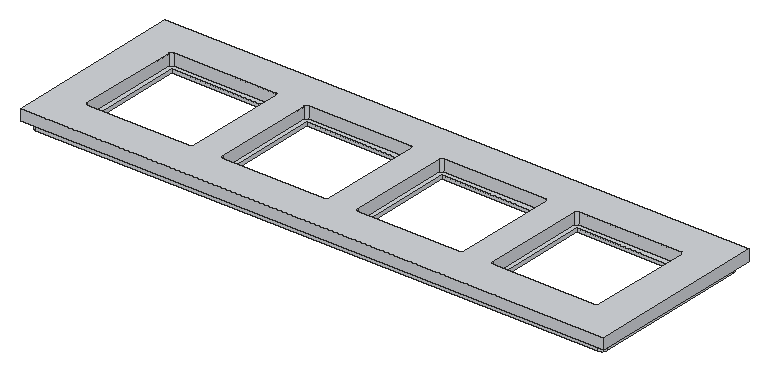
Revit family "Gira_0214127", category Electrical Fixtures, host Face, Revit 2017
Family settings
  Host = Face
  Maintain Annotation Orientation = No
  Round Connector Dimension = Use Diameter
  Part Type = Normal
  Cut with Voids When Loaded = No
  Shared = No
  Room Calculation Point = No
Parameters (values of type "Abdeckrahmen 4f Gira Esprit Alum.Braun")
  Werkstoffgüte = "aluminium"
  Werkstoff = "Metall"
  URL = "http://katalog.gira.de/de_DE/datenblatt.html?artikelnr=0214127"
  Transparent = "No"
  Textfeld/Beschriftungsfläche = "No"
  Schutzart (IP) = "IP20"
  Region = "DE"
  Oberfläche = "sonstige"
  Name = "Abdeckrahmen 4f Gira Esprit Alum.Braun"
  Montagerichtung = "horizontal und vertikal"
  Mit Montagerahmen = "No"
  Mit Klappdeckel = "No"
  Manufacturer URL = "https://www.gira.de/"
  Keynote = "Espr._Rahmen_4fach"
  HeinzeBIM = "https://bimportal.heinze.de/bim/abdeckrahmen-4f-gira-esprit-alum-braun/caea929750bf8a12351c1b1000153ecbe454168f"
  Halogenfrei = "Yes"
  HAN = "0214127"
  Geeignet für Unterputz-Installation = "Yes"
  Geeignet für Unterflurkanaldose = "No"
  Geeignet für Geräteeinbaukanal = "No"
  Geeignet für Einbauinstallation = "No"
  GTIN = "4010337109112"
  Farbe = "braun"
  Default Elevation = 1219.2 mm
  Data sheet (1) = "https://katalog.gira.de/de_DE/download.html?artikelnr=0214127"
  Category = "Abdeckrahmen"
  Befestigungsart = "Klemmbefestigung"
  Available = "Yes"
  Anzahl der Einheiten vertikal = "4 "
  Anzahl der Einheiten horizontal = "4 "
  Anzahl der Einheiten = "4 "
Reference planes
  plane 1 "Center (Front/Back)": y = 0
  plane 2: z = 0
  plane 3 "Center (Left/Right)": x = 0
Forms (mm)
  Extrusion 1, solid, detail levels fine
    sketch origin (0, 0, 0) x (1, 0, 0) y (0, 1, 0)
      loop
        line (-154, 47.5) -> (-154, -47.5) -> (154, -47.5) -> (154, 47.5) -> (-154, 47.5)
      loop
        arc (-135.25, -26.8) -> (-134.811, -27.861) -> (-133.75, -28.3) r 1.5
        line (-133.75, -28.3) -> (-80.15, -28.3)
        arc (-80.15, -28.3) -> (-79.089, -27.861) -> (-78.65, -26.8) r 1.5
        line (-78.65, -26.8) -> (-78.65, 26.8)
        arc (-78.65, 26.8) -> (-79.089, 27.861) -> (-80.15, 28.3) r 1.5
        line (-80.15, 28.3) -> (-133.75, 28.3)
        arc (-133.75, 28.3) -> (-134.811, 27.861) -> (-135.25, 26.8) r 1.5
        line (-135.25, 26.8) -> (-135.25, -26.8)
      loop
        arc (-63.95, -26.8) -> (-63.511, -27.861) -> (-62.45, -28.3) r 1.5
        line (-62.45, -28.3) -> (-8.85, -28.3)
        arc (-8.85, -28.3) -> (-7.789, -27.861) -> (-7.35, -26.8) r 1.5
        line (-7.35, -26.8) -> (-7.35, 26.8)
        arc (-7.35, 26.8) -> (-7.789, 27.861) -> (-8.85, 28.3) r 1.5
        line (-8.85, 28.3) -> (-62.45, 28.3)
        arc (-62.45, 28.3) -> (-63.511, 27.861) -> (-63.95, 26.8) r 1.5
        line (-63.95, 26.8) -> (-63.95, -26.8)
      loop
        arc (7.35, -26.8) -> (7.789, -27.861) -> (8.85, -28.3) r 1.5
        line (8.85, -28.3) -> (62.45, -28.3)
        arc (62.45, -28.3) -> (63.511, -27.861) -> (63.95, -26.8) r 1.5
        line (63.95, -26.8) -> (63.95, 26.8)
        arc (63.95, 26.8) -> (63.511, 27.861) -> (62.45, 28.3) r 1.5
        line (62.45, 28.3) -> (8.85, 28.3)
        arc (8.85, 28.3) -> (7.789, 27.861) -> (7.35, 26.8) r 1.5
        line (7.35, 26.8) -> (7.35, -26.8)
      loop
        arc (78.65, -26.8) -> (79.089, -27.861) -> (80.15, -28.3) r 1.5
        line (80.15, -28.3) -> (133.75, -28.3)
        arc (133.75, -28.3) -> (134.811, -27.861) -> (135.25, -26.8) r 1.5
        line (135.25, -26.8) -> (135.25, 26.8)
        arc (135.25, 26.8) -> (134.811, 27.861) -> (133.75, 28.3) r 1.5
        line (133.75, 28.3) -> (80.15, 28.3)
        arc (80.15, 28.3) -> (79.089, 27.861) -> (78.65, 26.8) r 1.5
        line (78.65, 26.8) -> (78.65, -26.8)
    from 0 to 6
  Extrusion 2, solid, detail levels fine
    sketch origin (0, 0, 0) x (1, 0, 0) y (0, 1, 0)
      loop
        line (-132.85, -25.7) -> (-81.05, -25.7) -> (-81.05, 25.7) -> (-132.85, 25.7) -> (-132.85, -25.7)
      loop
        line (61.55, 25.7) -> (9.75, 25.7) -> (9.75, -25.7) -> (61.55, -25.7) -> (61.55, 25.7)
      loop
        arc (-149.85, -41.4) -> (-149.323, -42.673) -> (-148.05, -43.2) r 1.8
        line (-148.05, -43.2) -> (148.05, -43.2)
        arc (148.05, -43.2) -> (149.323, -42.673) -> (149.85, -41.4) r 1.8
        line (149.85, -41.4) -> (149.85, 41.4)
        arc (149.85, 41.4) -> (149.323, 42.673) -> (148.05, 43.2) r 1.8
        line (148.05, 43.2) -> (-148.05, 43.2)
        arc (-148.05, 43.2) -> (-149.323, 42.673) -> (-149.85, 41.4) r 1.8
        line (-149.85, 41.4) -> (-149.85, -41.4)
      loop
        line (-9.75, 25.7) -> (-61.55, 25.7) -> (-61.55, -25.7) -> (-9.75, -25.7) -> (-9.75, 25.7)
      loop
        line (132.85, 25.7) -> (81.05, 25.7) -> (81.05, -25.7) -> (132.85, -25.7) -> (132.85, 25.7)
    from -1.9 to 0
  Extrusion 3, solid, detail levels fine
    sketch origin (0, 0, 0) x (1, 0, 0) y (0, 1, 0)
      loop
        arc (-148.05, 44.4) -> (-150.171, 43.521) -> (-151.05, 41.4) r 3
        line (-151.05, 41.4) -> (-151.05, -41.4)
        arc (-151.05, -41.4) -> (-150.171, -43.521) -> (-148.05, -44.4) r 3
        line (-148.05, -44.4) -> (148.05, -44.4)
        arc (148.05, -44.4) -> (150.171, -43.521) -> (151.05, -41.4) r 3
        line (151.05, -41.4) -> (151.05, 41.4)
        arc (151.05, 41.4) -> (150.171, 43.521) -> (148.05, 44.4) r 3
        line (148.05, 44.4) -> (-148.05, 44.4)
      loop
        arc (-149.85, -41.4) -> (-149.323, -42.673) -> (-148.05, -43.2) r 1.8
        line (-148.05, -43.2) -> (148.05, -43.2)
        arc (148.05, -43.2) -> (149.323, -42.673) -> (149.85, -41.4) r 1.8
        line (149.85, -41.4) -> (149.85, 41.4)
        arc (149.85, 41.4) -> (149.323, 42.673) -> (148.05, 43.2) r 1.8
        line (148.05, 43.2) -> (-148.05, 43.2)
        arc (-148.05, 43.2) -> (-149.323, 42.673) -> (-149.85, 41.4) r 1.8
        line (-149.85, 41.4) -> (-149.85, -41.4)
    from -3.7 to 0
  Extrusion 4, solid, detail levels medium
    sketch origin (0, 0, 0) x (1, 0, 0) y (0, 1, 0)
      loop
        line (-154, 47.5) -> (-154, -47.5) -> (154, -47.5) -> (154, 47.5) -> (-154, 47.5)
    from 0 to 6
  Extrusion 5, solid, detail levels medium
    sketch origin (0, 0, 0) x (1, 0, 0) y (0, 1, 0)
      loop
        line (-154, 44.4) -> (-154, -44.4) -> (154, -44.4) -> (154, 44.4) -> (-154, 44.4)
    from -3.7 to 0
  Extrusion 6, solid, detail levels coarse
    sketch origin (0, 0, 0) x (1, 0, 0) y (0, 1, 0)
      loop
        line (-154, 47.5) -> (-154, -47.5) -> (154, -47.5) -> (154, 47.5) -> (-154, 47.5)
    from -3.7 to 6
Dimensions and locks
  aligned and locked: plane 2 to host face
  aligned and locked: level to host face
